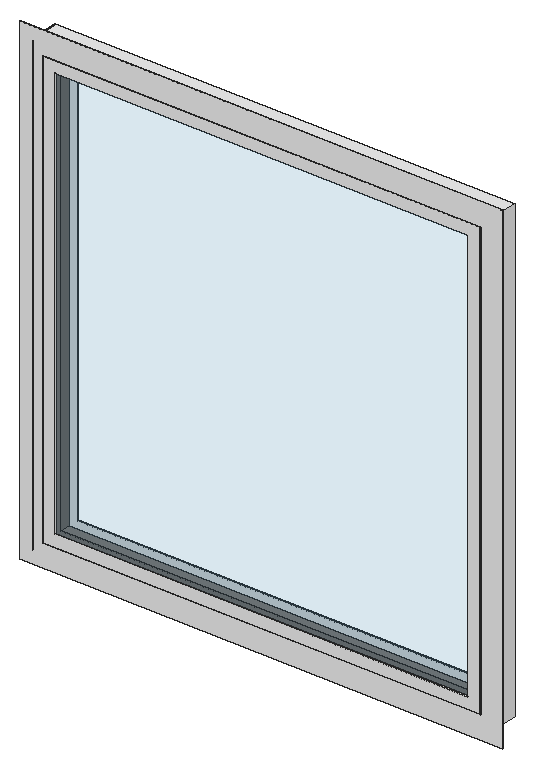
Revit family "Casement_28_I_Top_Hung_Custom", category Windows, host Wall, Revit 2014
Parameters (values of type "Casement_Sash_DG")
  Width Sash [instance] = 30 mm
  Width Sash Inner = 15 mm
  Width Bead = 15 mm
  Top Hung [instance] = yes
  Side Hung Right [instance] = yes
  Side Hung Left [instance] = yes
  Sash Opening Width [instance] = 600 mm
  Sash Opening Height [instance] = 600.312 mm
  Sash Lip = 15 mm
  Glazing Material [instance] = Glass
  DG Start Piece 2 [instance] = DG End Piece 1 + DG Gasket Thickness  # 25 mm
  DG Start Peice 1 [instance] = (Depth Sash - (2 * DG Glazing Thickness) - DG Gasket Thickness) / 2  # 6.6 mm
  Glazing Offset = 5 mm
  DG Glazing Thickness [instance] = 6.4 mm
  DG Gasket Thickness = 12 mm  # constant formula
  DG Gasket Material [instance] = Double Glazing Gasket Material
  DG End Piece 2 [instance] = DG Start Piece 2 + DG Glazing Thickness  # 31.4 mm
  DG End Piece 1 [instance] = DG Start Peice 1 + DG Glazing Thickness  # 13 mm
  Depth Sash [instance] = 38 mm
  Center Vertical Sash [instance] = Sash Opening Height / 2  # 300.156 mm
  Center Horizontal Sash [instance] = Sash Opening Width / 2  # 300 mm
  Bottom Hung [instance] = yes
  Bead Offset = 15 mm
  Aluminium Thickness = 1 mm
  Aluminium Material [instance] = White Powder Coated Aluminium
Reference planes
  plane 1 "Center (Front/Back)": y = 0
  plane 2: z = 0
  plane 3 "Center (Left/Right)": x = 0
Forms (mm)
  Sweep 1, solid, material "White Powder Coated Aluminium" <- "Aluminium Material"
    path origin (16.177, 0, 121.331) x (1, 0, 0) y (0, 0, 1)
      loop
        line (0, 0) -> (600, 0) -> (600, 600.312) -> (0, 600.312) -> (0, 0)
    profile origin (316.177, 0, 121.331) x (0, 0, 1) y (0, -1, 0)
      loop
        line (0, 0) -> (30, 0) -> (30, 1) -> (15, 1) -> (15, 38) -> (-15, 38) -> (-15, 37) -> (0, 37) -> (0, 0)
      loop
        line (14, 1) -> (14, 37) -> (1, 37) -> (1, 1) -> (14, 1)
  Sweep 2, solid, material "White Powder Coated Aluminium" <- "Aluminium Material"
    path origin (0, 0, 0) x (1, 0, 0) y (0, 0, 1)
      loop
        line (31.177, 706.643) -> (31.177, 136.331) -> (601.177, 136.331) -> (601.177, 706.643) -> (31.177, 706.643)
    profile origin (316.177, 0, 706.643) x (0, 0, 1) y (0, -1, 0)
      loop
        line (0, 37) -> (0, 38) -> (-15, 38) -> (-15, 37) -> (0, 37)
  Extrusion 3, solid, material "Glass" <- "Glazing Material"
    sketch origin (0, 0, 0) x (1, 0, 0) y (0, 0, 1)
      loop
        line (36.177, 701.643) -> (36.177, 141.331) -> (596.177, 141.331) -> (596.177, 701.643) -> (36.177, 701.643)
    from 6.6 <- "DG Start Peice 1" to 13 <- "DG End Piece 1"
  Extrusion 4, solid, material "Glass" <- "Glazing Material"
    sketch origin (0, 0, 0) x (1, 0, 0) y (0, 0, 1)
      loop
        line (36.177, 701.643) -> (36.177, 141.331) -> (596.177, 141.331) -> (596.177, 701.643) -> (36.177, 701.643)
    from 31.4 <- "DG End Piece 2" to 25 <- "DG Start Piece 2"
  Sweep 5, solid, material "Double Glazing Gasket Material" <- "DG Gasket Material"
    path origin (0, -13, 0) x (1, 0, 0) y (0, 0, 1)
      loop
        line (36.177, 701.643) -> (36.177, 141.331) -> (596.177, 141.331) -> (596.177, 701.643) -> (36.177, 701.643)
    profile origin (316.177, -13, 701.643) x (0, 0, 1) y (0, -1, 0)
      loop
        line (0, 0) -> (0, 12) -> (-7.96, 12) -> (-7.96, 0) -> (0, 0)
Lines and regions (mm)
  model lines
    curve 1: line (1.177, -38, 736.643) -> (31.177, -38, 706.643)
    curve 2: line (601.177, -38, 706.643) -> (631.177, -38, 736.643)
    curve 3: line (601.177, -38, 136.331) -> (631.177, -38, 106.331)
    curve 4: line (1.177, -38, 106.331) -> (31.177, -38, 136.331)
    curve 5: line (631.177, -37, 736.643) -> (616.177, -37, 721.643)
    curve 6: line (1.177, -37, 736.643) -> (16.177, -37, 721.643)
    curve 7: line (1.177, -37, 106.331) -> (16.177, -37, 121.331)
    curve 8: line (631.177, -37, 106.331) -> (616.177, -37, 121.331)
    curve 9: line (616.177, 0, 121.331) -> (586.177, 0, 151.331)
    curve 10: line (46.177, 0, 151.331) -> (16.177, 0, 121.331)
    curve 11: line (616.177, 0, 721.643) -> (586.177, 0, 691.643)
    curve 12: line (46.177, 0, 691.643) -> (16.177, 0, 721.643)
    curve 13: line (31.177, -38, 691.643) -> (46.177, -38, 691.643)
    curve 14: line (586.177, -38, 691.643) -> (601.177, -38, 691.643)
    curve 15: line (586.177, -38, 151.331) -> (601.177, -38, 151.331)
    curve 16: line (31.177, -38, 151.331) -> (46.177, -38, 151.331)
  model lines, style "GenericModelHiddenLines", visible <- "Top Hung"
    curve 17: line (46.386, -31.4, 690.914) -> (316.177, -31.4, 151.331)
    curve 18: line (316.177, -31.4, 151.331) -> (586.177, -31.4, 691.331)
  model lines, style "GenericModelHiddenLines", visible <- "Bottom Hung"
    curve 19: line (46.177, -31.4, 151.331) -> (316.177, -31.4, 691.331)
    curve 20: line (316.177, -31.4, 691.331) -> (586.177, -31.4, 151.331)
  model lines, style "GenericModelHiddenLines", visible <- "Side Hung Left"
    curve 21: line (46.386, -31.4, 690.914) -> (585.24, -31.4, 421.487)
    curve 22: line (585.24, -31.4, 421.487) -> (46.177, -31.4, 151.331)
  model lines, style "GenericModelHiddenLines", visible <- "Side Hung Right"
    curve 23: line (586.177, -31.4, 691.331) -> (46.177, -31.4, 421.487)
    curve 24: line (46.177, -31.4, 421.487) -> (586.177, -31.4, 151.331)
Dimensions and locks
  "Aluminium Thickness": Sweep 1 sketch curve to Sweep 1 sketch curve  (x4)
  "Depth Sash": Sweep 1 sketch curve to Sweep 1 sketch curve
  "Sash Opening Width": Sweep 1 to Sweep 1
  "Sash Opening Height": Sweep 1 to Sweep 1
  "Width Sash": Sweep 1 sketch curve to Sweep 1 sketch curve  (x2)
  "Width Sash Inner": Sweep 1 sketch curve to Sweep 1 sketch curve
  "Sash Lip": Sweep 1 sketch curve to Sweep 1 sketch curve
  "Aluminium Thickness": Sweep 1 to Sweep 2 sketch curve
  "Glazing Offset": Sweep 2 to Extrusion 3 sketch curve  (x3)
  "Glazing Offset": Extrusion 3 sketch curve to Sweep 2
  Sweep 1 to Sweep 1 = 1 mm
  "Aluminium Thickness": Sweep 2 sketch curve to Sweep 2 sketch curve
  "Width Bead": Sweep 2 sketch curve to Sweep 2 sketch curve
  locked: Sweep 5 sketch curve to Sweep 5 sketch curve at 7.96
  "Center Horizontal Sash": Sweep 1 to curve 18
  "Center Horizontal Sash": Sweep 1 to curve 20
  "Center Vertical Sash": Sweep 1 to curve 22
  "Center Vertical Sash": Sweep 1 to curve 24
  aligned and locked: level to plane 2
  aligned and locked: Sweep 1 sketch curve to Sweep 1 sketch curve  (x2)
  aligned and locked: Sweep 2 sketch curve to Sweep 1  (x5)
  aligned and locked: Extrusion 4 sketch curve to Extrusion 3  (x4)
  aligned and locked: Sweep 5 sketch curve to Extrusion 3  (x5)
  aligned and locked: Extrusion 3 to Sweep 5 sketch curve
Automatic sketch dimensions
  plane 3 "Center (Left/Right)" to Sweep 1 sketch curve = 16.177 mm
  level to Sweep 1 sketch curve = 121.331 mm
  plane 3 "Center (Left/Right)" to Sweep 1 sketch curve = 616.177 mm
  level to Sweep 1 sketch curve = 721.643 mm
  profile plane to Sweep 5 sketch curve = 12 mm
  curve 7 to Sweep 1 = 0 mm  (x4)
  curve 6 to Sweep 1 = 0 mm  (x3)
  Sweep 1 to curve 6 = 0 mm
  curve 5 to Sweep 1 = 0 mm  (x3)
  curve 8 to Sweep 1 = 0 mm  (x4)
  Sweep 1 to curve 5 = 0 mm
  curve 16 to Sweep 2 = 0 mm  (x3)
  curve 13 to Sweep 2 = 0 mm  (x3)
  curve 15 to Sweep 2 = 0 mm
  Sweep 2 to curve 15 = 0 mm  (x2)
  curve 14 to Sweep 2 = 0 mm  (x2)
  Sweep 2 to curve 14 = 0 mm
  curve 1 to Sweep 1 = 0 mm  (x4)
  curve 4 to Sweep 1 = 0 mm  (x3)
  Sweep 1 to curve 4 = 0 mm
  curve 3 to Sweep 1 = 0 mm  (x3)
  curve 2 to Sweep 1 = 0 mm  (x4)
  Sweep 1 to curve 3 = 0 mm
  curve 10 to Sweep 1 = 0 mm  (x4)
  curve 12 to Sweep 1 = 0 mm  (x3)
  Sweep 1 to curve 12 = 0 mm
  curve 9 to Sweep 1 = 0 mm  (x4)
  curve 11 to Sweep 1 = 0 mm  (x3)
  Sweep 1 to curve 11 = 0 mm
  Sweep 1 sketch curve to plane 1 "Center (Front/Back)" = 0 mm
  profile plane to Sweep 1 sketch curve = 0 mm
  curve 21 to Extrusion 4 = 10.208 mm
  curve 19 to Extrusion 4 = 10 mm
  curve 23 to Extrusion 4 = 10 mm  (x2)
  curve 22 to Extrusion 4 = 10.937 mm
  curve 20 to Extrusion 4 = 10 mm
  curve 24 to Extrusion 4 = 10 mm
  curve 22 to Extrusion 4 = 10 mm
  curve 18 to Extrusion 4 = 10 mm
  curve 21 to Extrusion 4 = 10.729 mm
  curve 19 to Extrusion 4 = 10.312 mm
  curve 18 to Extrusion 4 = 10.312 mm
